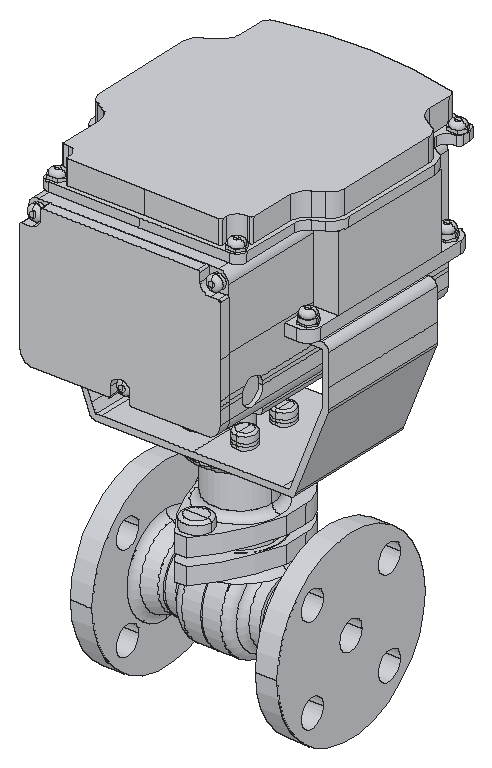
Revit family "電動二方弁(ロゴなし)", category Electrical Equipment, Revit 2020 (continued)
Automatic sketch dimensions
  Extrusion 41 sketch curve to Extrusion 41 sketch curve = 3.7 mm
  Extrusion 41 sketch curve to Extrusion 41 sketch curve = 7 mm
  plane 1 "中心(正面/背面)" to Extrusion 41 sketch curve = 36.395 mm
  Extrusion 41 sketch curve to plane 1 "中心(正面/背面)" = 60.605 mm
  Extrusion 41 sketch curve to Extrusion 41 sketch curve = 0.7 mm
  Extrusion 41 sketch curve to Extrusion 41 sketch curve = 7.785 mm
  Extrusion 41 sketch curve to Extrusion 41 sketch curve = 2.098 mm
  Extrusion 41 sketch curve to Extrusion 41 sketch curve = 0 mm
  Extrusion 41 sketch curve to Extrusion 41 sketch curve = 1.226 mm
  Extrusion 42 sketch curve to plane 3 "中心(左/右)" = 51.5 mm
  Extrusion 42 sketch curve to Extrusion 42 sketch curve = 5.8 mm
  Extrusion 42 sketch curve to Extrusion 42 sketch curve = 6 mm
  Extrusion 42 sketch curve to Extrusion 42 sketch curve = 6.5 mm
  Extrusion 42 sketch curve to Extrusion 42 sketch curve = 0.5 mm
  Extrusion 42 sketch curve to Extrusion 42 sketch curve = 3.7 mm
  Extrusion 42 sketch curve to Extrusion 42 sketch curve = 7 mm
  Extrusion 42 sketch curve to plane 1 "中心(正面/背面)" = 69.302 mm
  Extrusion 42 sketch curve to Extrusion 42 sketch curve = 0.212 mm
  Extrusion 42 sketch curve to Extrusion 42 sketch curve = 7.997 mm
  Extrusion 42 sketch curve to Extrusion 42 sketch curve = 0.7 mm
  plane 1 "中心(正面/背面)" to Extrusion 42 sketch curve = 29.395 mm
  Extrusion 42 sketch curve to Extrusion 42 sketch curve = 0 mm
  Extrusion 42 sketch curve to Extrusion 42 sketch curve = 1.226 mm
  Extrusion 43 sketch curve to plane 3 "中心(左/右)" = 64.592 mm
  Extrusion 43 sketch curve to Extrusion 43 sketch curve = 3.729 mm
  Extrusion 43 sketch curve to Extrusion 43 sketch curve = 1.085 mm  (x2)
  Extrusion 43 sketch curve to Extrusion 43 sketch curve = 2.797 mm  (x4)
  Extrusion 43 sketch curve to Extrusion 43 sketch curve = 7.85 mm
  Extrusion 43 sketch curve to Extrusion 43 sketch curve = 2.643 mm
  Extrusion 43 sketch curve to level = 130.361 mm
  Extrusion 43 sketch curve to Extrusion 43 sketch curve = 1.447 mm
  Extrusion 44 sketch curve to plane 3 "中心(左/右)" = 28.5 mm
  plane 3 "中心(左/右)" to Extrusion 44 sketch curve = 28.5 mm
  level to Extrusion 44 sketch curve = 161 mm
  Extrusion 44 sketch curve to Extrusion 44 sketch curve = 0.788 mm
  Revolve 45 sketch curve to plane 3 "中心(左/右)" = 60.5 mm
  Revolve 45 sketch curve to Revolve 45 sketch curve = 2.25 mm
  level to Revolve 45 sketch curve = 197.236 mm
  Revolve 45 sketch curve to Revolve 45 sketch curve = 2.264 mm
  Revolve 45 sketch curve to Revolve 45 sketch curve = 0 mm
  Revolve 45 sketch curve to Revolve 45 sketch curve = 0.936 mm
  Revolve 45 sketch curve to Revolve 45 sketch curve = 1.8 mm
  Revolve 46 sketch curve to plane 3 "中心(左/右)" = 60.5 mm
  Revolve 46 sketch curve to Revolve 46 sketch curve = 2.25 mm
  level to Revolve 46 sketch curve = 197.236 mm
  Revolve 46 sketch curve to Revolve 46 sketch curve = 2.264 mm
  Revolve 46 sketch curve to Revolve 46 sketch curve = 0 mm
  Revolve 46 sketch curve to Revolve 46 sketch curve = 0.936 mm
  Revolve 46 sketch curve to Revolve 46 sketch curve = 1.8 mm
  plane 3 "中心(左/右)" to Revolve 47 sketch curve = 56.375 mm
  Revolve 47 sketch curve to Revolve 47 sketch curve = 2.25 mm
  level to Revolve 47 sketch curve = 197.236 mm
  Revolve 47 sketch curve to Revolve 47 sketch curve = 2.264 mm
  Revolve 47 sketch curve to Revolve 47 sketch curve = 0 mm
  Revolve 47 sketch curve to Revolve 47 sketch curve = 0.936 mm
  Revolve 47 sketch curve to Revolve 47 sketch curve = 1.8 mm
  plane 3 "中心(左/右)" to Revolve 48 sketch curve = 56.375 mm
  Revolve 48 sketch curve to Revolve 48 sketch curve = 2.25 mm
  level to Revolve 48 sketch curve = 197.236 mm
  Revolve 48 sketch curve to Revolve 48 sketch curve = 2.264 mm
  Revolve 48 sketch curve to Revolve 48 sketch curve = 0 mm
  Revolve 48 sketch curve to Revolve 48 sketch curve = 0.936 mm
  Revolve 48 sketch curve to Revolve 48 sketch curve = 1.8 mm
  Extrusion 49 sketch curve to plane 1 "中心(正面/背面)" = 25.952 mm
  Extrusion 49 sketch curve to plane 3 "中心(左/右)" = 74.125 mm
  Extrusion 49 sketch curve to plane 1 "中心(正面/背面)" = 13.532 mm  (x2)
  Extrusion 49 sketch curve to plane 3 "中心(左/右)" = 23 mm
  Extrusion 49 sketch curve to plane 3 "中心(左/右)" = 6.954 mm
  Extrusion 49 sketch curve to plane 3 "中心(左/右)" = 3.046 mm
  Extrusion 49 sketch curve to plane 3 "中心(左/右)" = 1.923 mm
  plane 3 "中心(左/右)" to Extrusion 49 sketch curve = 1.923 mm
  plane 3 "中心(左/右)" to Extrusion 49 sketch curve = 3.046 mm
  plane 3 "中心(左/右)" to Extrusion 49 sketch curve = 6.954 mm
  Extrusion 49 sketch curve to Extrusion 49 sketch curve = 51.125 mm
  Extrusion 49 sketch curve to plane 1 "中心(正面/背面)" = 1.214 mm  (x2)
  Revolve 50 sketch curve to plane 3 "中心(左/右)" = 0 mm  (x2)
  Revolve 50 sketch curve to plane 3 "中心(左/右)" = 23 mm
  Revolve 50 sketch curve to Revolve 50 sketch curve = 2 mm  (x2)
  level to Revolve 50 sketch curve = 115.3 mm
  Revolve 50 sketch curve to Revolve 50 sketch curve = 5.2 mm
  Revolve 50 sketch curve to Revolve 50 sketch curve = 0.2 mm
  Extrusion 51 sketch curve to plane 1 "中心(正面/背面)" = 25.952 mm
  Extrusion 51 sketch curve to plane 3 "中心(左/右)" = 74.125 mm
  Extrusion 51 sketch curve to plane 1 "中心(正面/背面)" = 13.532 mm  (x2)
  Extrusion 51 sketch curve to plane 3 "中心(左/右)" = 23 mm
  Extrusion 51 sketch curve to plane 3 "中心(左/右)" = 6.954 mm
  Extrusion 51 sketch curve to plane 3 "中心(左/右)" = 3.046 mm
  Extrusion 51 sketch curve to plane 3 "中心(左/右)" = 1.923 mm
  plane 3 "中心(左/右)" to Extrusion 51 sketch curve = 1.923 mm
  plane 3 "中心(左/右)" to Extrusion 51 sketch curve = 3.046 mm
  plane 3 "中心(左/右)" to Extrusion 51 sketch curve = 6.954 mm
  Extrusion 51 sketch curve to Extrusion 51 sketch curve = 51.125 mm
  Extrusion 51 sketch curve to plane 1 "中心(正面/背面)" = 1.214 mm  (x2)
  Revolve 52 sketch curve to plane 3 "中心(左/右)" = 0 mm  (x2)
  Revolve 52 sketch curve to plane 3 "中心(左/右)" = 17.5 mm
  level to Revolve 52 sketch curve = 77 mm
  Revolve 52 sketch curve to Revolve 52 sketch curve = 4.3 mm
  Revolve 52 sketch curve to Revolve 52 sketch curve = 0 mm  (x2)
  Extrusion 53 sketch curve to plane 1 "中心(正面/背面)" = 24.749 mm
  level to Extrusion 53 sketch curve = 72.249 mm
  Extrusion 54 sketch curve to plane 1 "中心(正面/背面)" = 24.749 mm
  level to Extrusion 54 sketch curve = 22.751 mm
  plane 1 "中心(正面/背面)" to Extrusion 55 sketch curve = 24.749 mm
  level to Extrusion 55 sketch curve = 22.751 mm
  plane 1 "中心(正面/背面)" to Extrusion 56 sketch curve = 24.749 mm
  level to Extrusion 56 sketch curve = 22.751 mm
  Extrusion 57 sketch curve to plane 1 "中心(正面/背面)" = 0 mm
  level to Extrusion 57 sketch curve = 47.5 mm
  plane 1 "中心(正面/背面)" to Revolve 58 sketch curve = 75.7 mm
  Revolve 58 sketch curve to Revolve 58 sketch curve = 2 mm
  Revolve 58 sketch curve to Revolve 58 sketch curve = 0.6 mm
  level to Revolve 58 sketch curve = 238.5 mm
  Revolve 58 sketch curve to Revolve 58 sketch curve = 1.75 mm
  Revolve 58 sketch curve to Revolve 58 sketch curve = 0 mm  (x3)
  plane 1 "中心(正面/背面)" to Revolve 59 sketch curve = 73.1 mm
  Revolve 59 sketch curve to Revolve 59 sketch curve = 1.6 mm
  level to Revolve 59 sketch curve = 238.5 mm
  Revolve 59 sketch curve to Revolve 59 sketch curve = 3.75 mm
  Revolve 59 sketch curve to Revolve 59 sketch curve = 0 mm  (x3)
  plane 1 "中心(正面/背面)" to Revolve 60 sketch curve = 75.7 mm
  Revolve 60 sketch curve to Revolve 60 sketch curve = 2 mm
  Revolve 60 sketch curve to Revolve 60 sketch curve = 0.6 mm
  level to Revolve 60 sketch curve = 238.5 mm
  Revolve 60 sketch curve to Revolve 60 sketch curve = 1.75 mm
  Revolve 60 sketch curve to Revolve 60 sketch curve = 0 mm  (x3)
  plane 1 "中心(正面/背面)" to Revolve 61 sketch curve = 73.1 mm
  Revolve 61 sketch curve to Revolve 61 sketch curve = 1.6 mm
  level to Revolve 61 sketch curve = 238.5 mm
  Revolve 61 sketch curve to Revolve 61 sketch curve = 3.75 mm
  Revolve 61 sketch curve to Revolve 61 sketch curve = 0 mm  (x3)
  plane 1 "中心(正面/背面)" to Revolve 62 sketch curve = 75.7 mm
  Revolve 62 sketch curve to Revolve 62 sketch curve = 2 mm
  Revolve 62 sketch curve to Revolve 62 sketch curve = 0.6 mm
  level to Revolve 62 sketch curve = 174.5 mm
  Revolve 62 sketch curve to Revolve 62 sketch curve = 1.75 mm
  Revolve 62 sketch curve to Revolve 62 sketch curve = 0 mm  (x3)
  plane 1 "中心(正面/背面)" to Revolve 63 sketch curve = 73.1 mm
  Revolve 63 sketch curve to Revolve 63 sketch curve = 1.6 mm
  level to Revolve 63 sketch curve = 174.5 mm
  Revolve 63 sketch curve to Revolve 63 sketch curve = 3.75 mm
  Revolve 63 sketch curve to Revolve 63 sketch curve = 0 mm  (x3)
  Extrusion 64 sketch curve to plane 3 "中心(左/右)" = 65 mm
  Extrusion 64 sketch curve to Extrusion 64 sketch curve = 13.382 mm
  Extrusion 64 sketch curve to Extrusion 64 sketch curve = 5.3 mm  (x2)
  level to Extrusion 64 sketch curve = 205.5 mm
  Extrusion 64 sketch curve to Extrusion 64 sketch curve = 33.2 mm
  Extrusion 64 sketch curve to Extrusion 64 sketch curve = 0 mm
  Extrusion 65 sketch curve to plane 3 "中心(左/右)" = 65 mm
  Extrusion 65 sketch curve to Extrusion 65 sketch curve = 13.382 mm
  Extrusion 65 sketch curve to Extrusion 65 sketch curve = 5.3 mm  (x2)
  Extrusion 65 sketch curve to level = 205.5 mm
  Extrusion 65 sketch curve to Extrusion 65 sketch curve = 33.2 mm
  Extrusion 65 sketch curve to Extrusion 65 sketch curve = 0 mm
  Revolve 66 sketch curve to plane 3 "中心(左/右)" = 61.28 mm
  Revolve 66 sketch curve to Revolve 66 sketch curve = 1.501 mm
  Revolve 66 sketch curve to Revolve 66 sketch curve = 1.75 mm
  level to Revolve 66 sketch curve = 208.5 mm
  Revolve 66 sketch curve to Revolve 66 sketch curve = 1.322 mm
  Revolve 66 sketch curve to Revolve 66 sketch curve = 0 mm  (x2)
  Revolve 66 sketch curve to Revolve 66 sketch curve = 0.722 mm
  Extrusion 67 sketch curve to plane 3 "中心(左/右)" = 58 mm
  Extrusion 67 sketch curve to plane 1 "中心(正面/背面)" = 59.98 mm
  Extrusion 68 sketch curve to plane 3 "中心(左/右)" = 62.907 mm
  Extrusion 68 sketch curve to Extrusion 68 sketch curve = 2.454 mm  (x5)
  Extrusion 68 sketch curve to Extrusion 68 sketch curve = 4.907 mm
  Extrusion 68 sketch curve to plane 1 "中心(正面/背面)" = 55.73 mm
  Extrusion 68 sketch curve to Extrusion 68 sketch curve = 4.25 mm  (x3)
  Revolve 69 sketch curve to plane 3 "中心(左/右)" = 61.28 mm
  Revolve 69 sketch curve to Revolve 69 sketch curve = 1.501 mm
  Revolve 69 sketch curve to Revolve 69 sketch curve = 1.75 mm
  level to Revolve 69 sketch curve = 208.5 mm
  Revolve 69 sketch curve to Revolve 69 sketch curve = 1.322 mm
  Revolve 69 sketch curve to Revolve 69 sketch curve = 0 mm  (x2)
  Revolve 69 sketch curve to Revolve 69 sketch curve = 0.722 mm
  plane 3 "中心(左/右)" to Extrusion 70 sketch curve = 58.5 mm
  plane 1 "中心(正面/背面)" to Extrusion 70 sketch curve = 29.395 mm
  plane 3 "中心(左/右)" to Extrusion 71 sketch curve = 53.593 mm
  plane 1 "中心(正面/背面)" to Extrusion 71 sketch curve = 25.145 mm
  Extrusion 71 sketch curve to Extrusion 71 sketch curve = 2.454 mm  (x5)
  Extrusion 71 sketch curve to Extrusion 71 sketch curve = 4.907 mm
  plane 1 "中心(正面/背面)" to Extrusion 71 sketch curve = 29.395 mm
  Extrusion 71 sketch curve to Extrusion 71 sketch curve = 4.25 mm  (x2)
  plane 3 "中心(左/右)" to Revolve 72 sketch curve = 55.22 mm
  Revolve 72 sketch curve to Revolve 72 sketch curve = 1.501 mm
  Revolve 72 sketch curve to Revolve 72 sketch curve = 1.75 mm
  level to Revolve 72 sketch curve = 208.5 mm
  Revolve 72 sketch curve to Revolve 72 sketch curve = 1.322 mm
  Revolve 72 sketch curve to Revolve 72 sketch curve = 0 mm  (x2)
  Revolve 72 sketch curve to Revolve 72 sketch curve = 0.722 mm
  plane 3 "中心(左/右)" to Extrusion 73 sketch curve = 58.5 mm
  Extrusion 73 sketch curve to plane 1 "中心(正面/背面)" = 59.98 mm
  plane 3 "中心(左/右)" to Extrusion 74 sketch curve = 53.593 mm
  Extrusion 74 sketch curve to Extrusion 74 sketch curve = 2.454 mm  (x5)
  Extrusion 74 sketch curve to Extrusion 74 sketch curve = 4.907 mm
  Extrusion 74 sketch curve to plane 1 "中心(正面/背面)" = 55.73 mm
  Extrusion 74 sketch curve to Extrusion 74 sketch curve = 4.25 mm  (x3)
  plane 3 "中心(左/右)" to Revolve 75 sketch curve = 55.22 mm
  Revolve 75 sketch curve to Revolve 75 sketch curve = 1.501 mm
  Revolve 75 sketch curve to Revolve 75 sketch curve = 1.75 mm
  level to Revolve 75 sketch curve = 208.5 mm
  Revolve 75 sketch curve to Revolve 75 sketch curve = 1.322 mm
  Revolve 75 sketch curve to Revolve 75 sketch curve = 0 mm  (x2)
  Revolve 75 sketch curve to Revolve 75 sketch curve = 0.722 mm
  plane 3 "中心(左/右)" to Revolve 76 sketch curve = 50.936 mm
  Revolve 76 sketch curve to Revolve 76 sketch curve = 1.908 mm
  Revolve 76 sketch curve to Revolve 76 sketch curve = 1.75 mm
  level to Revolve 76 sketch curve = 250.1 mm
  Revolve 76 sketch curve to Revolve 76 sketch curve = 0.6 mm
  Revolve 76 sketch curve to Revolve 76 sketch curve = 0 mm  (x3)
  Revolve 77 sketch curve to plane 3 "中心(左/右)" = 57.314 mm
  Revolve 77 sketch curve to Revolve 77 sketch curve = 1.908 mm
  Revolve 77 sketch curve to Revolve 77 sketch curve = 1.75 mm
  level to Revolve 77 sketch curve = 250.1 mm
  Revolve 77 sketch curve to Revolve 77 sketch curve = 0.6 mm
  Revolve 77 sketch curve to Revolve 77 sketch curve = 0 mm  (x3)
  plane 3 "中心(左/右)" to Extrusion 78 sketch curve = 49.531 mm
  Extrusion 78 sketch curve to Extrusion 78 sketch curve = 2.133 mm  (x2)
  Extrusion 78 sketch curve to Extrusion 78 sketch curve = 2.177 mm
  Extrusion 78 sketch curve to Extrusion 78 sketch curve = 2.731 mm  (x2)
  Extrusion 78 sketch curve to Extrusion 78 sketch curve = 5.55 mm
  Extrusion 78 sketch curve to plane 1 "中心(正面/背面)" = 68.153 mm
  Extrusion 78 sketch curve to Extrusion 78 sketch curve = 3.694 mm  (x2)
  Extrusion 78 sketch curve to Extrusion 78 sketch curve = 3.771 mm
  Extrusion 79 sketch curve to plane 3 "中心(左/右)" = 58.719 mm
  Extrusion 79 sketch curve to Extrusion 79 sketch curve = 2.133 mm  (x2)
  Extrusion 79 sketch curve to Extrusion 79 sketch curve = 2.177 mm
  Extrusion 79 sketch curve to Extrusion 79 sketch curve = 2.731 mm  (x2)
  Extrusion 79 sketch curve to Extrusion 79 sketch curve = 5.55 mm
  Extrusion 79 sketch curve to plane 1 "中心(正面/背面)" = 68.153 mm
  Extrusion 79 sketch curve to Extrusion 79 sketch curve = 3.694 mm  (x2)
  Extrusion 79 sketch curve to Extrusion 79 sketch curve = 3.771 mm
  Extrusion 1 sketch curve to plane 1 "中心(正面/背面)" = 0 mm
  level to Extrusion 1 sketch curve = 47.437 mm
  Extrusion 7 sketch curve to plane 1 "中心(正面/背面)" = 0 mm
  level to Extrusion 7 sketch curve = 47.437 mm
  plane 1 "中心(正面/背面)" to Extrusion 80 sketch curve = 56.39 mm
  level to Extrusion 80 sketch curve = 182.782 mm
  plane 1 "中心(正面/背面)" to Extrusion 81 sketch curve = 56.39 mm
  level to Extrusion 81 sketch curve = 182.782 mm
  radius of Extrusion 2 sketch curve = 7.5 mm
  radius of Extrusion 3 sketch curve = 7.5 mm
  radius of Extrusion 4 sketch curve = 7.5 mm
  radius of Extrusion 5 sketch curve = 7.5 mm
  radius of Extrusion 6 sketch curve = 7.5 mm
  radius of Extrusion 8 sketch curve = 7.5 mm
  radius of Extrusion 12 sketch curve = 4.25 mm
  radius of Extrusion 53 sketch curve = 7.5 mm
  radius of Extrusion 54 sketch curve = 7.5 mm
  radius of Extrusion 55 sketch curve = 7.5 mm
  radius of Extrusion 56 sketch curve = 7.5 mm
  radius of Extrusion 57 sketch curve = 7.5 mm
  radius of Extrusion 67 sketch curve = 4.25 mm
  radius of Extrusion 70 sketch curve = 4.25 mm
  radius of Extrusion 73 sketch curve = 4.25 mm
Connectors
  cabletrayconduit at (-48.8, -56.39, 182.782), diameter 14.031, driven by "配線φ(左側)"
    settings: on cut or joined group of Extrusion 22, Extrusion 80, Extrusion 81, index 3, connector width 300 mm, connector height 300 mm, connector angle 0.00°, system type 32, placement type 0, profile type 0, connector reference index -1, is primary connector yes, connector utility param no, connector description ""
  cabletrayconduit at (-48.8, -56.39, 182.782), diameter 14.031, driven by "配線φ(左側)"
    settings: on cut or joined group of Extrusion 22, Extrusion 80, Extrusion 81, index 4, connector width 300 mm, connector height 300 mm, connector angle 0.00°, system type 32, placement type 0, profile type 0, connector reference index -1, is primary connector no, connector utility param no, connector description ""
  cabletrayconduit at (48.8, -56.39, 182.782), diameter 14.031, driven by "配線φ(右側)"
    settings: on cut or joined group of Extrusion 22, Extrusion 80, Extrusion 81, index 5, connector width 300 mm, connector height 300 mm, connector angle 0.00°, system type 32, placement type 0, profile type 0, connector reference index -1, is primary connector no, connector utility param no, connector description ""
